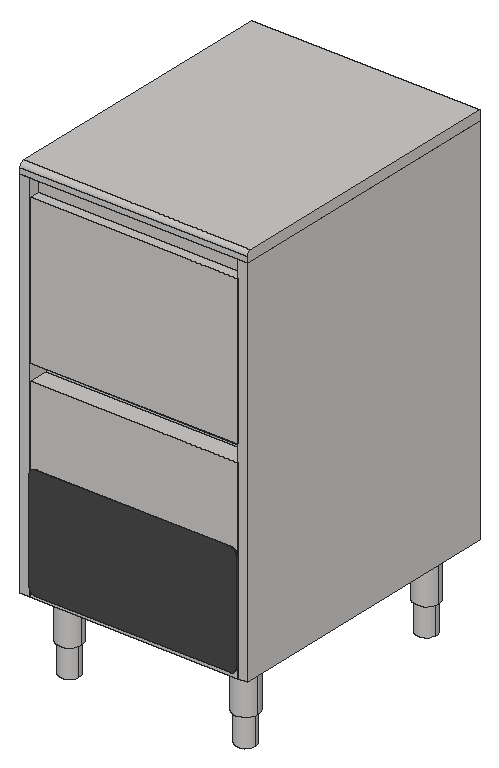
Revit family "QF_ZANUSSI_730310_ICB47I20SNP", category Attrezzature speciali, Revit 2018
Family settings
  Quota connettore circolare = Usa diametro
  Tipo di parte = Normale
  Basato su piano di lavoro = No
  Sempre verticale = Sì
  Taglio con vuoti quando caricato = No
  Condiviso = No
  Punto di calcolo locali = No
Parameters (values of type "Standard")
  Weight = 45.00 kg
  Watts = 0 W
  Volts = 220 V
  URL Manufacturer = "http://www.zanussiprofessional.com"
  URL = "http://www.zanussiprofessional.com"
  Steam Supply Size = 0 mm
  Steam Supply Minimum Pressure = 0.0 Pa
  Steam Supply Maximum Pressure = 0.0 Pa
  Steam Pounds per Hour = 0
  Show Logo [instance] = yes
  Show Clearance [instance] = yes
  Refrigeration Suction Line Size = 0 mm
  Refrigeration Liquid Line Size = 0 mm
  Refrigerant Compressor Remote = yes
  Produttore = "Zanussi"
  Phase = 1
  Modello = "ICB47I20SNP"
  Length Actual = 465 mm  # constant formula
  Item Number = "730310"
  Hot Water Size = 0 mm
  Height Actual = 894 mm  # constant formula
  HP = "0 HP"
  Gas Size = 0 mm
  Gas KW = 0
  Gas Input Pressure = 0 W
  Descrizione = "WATER COOLED ICE CUBER 22GR 47KG/24H-BIN 20KG"
  Depth Actual = 595 mm  # constant formula
  Cycle = 50 Hz
  Condensate Return Size = 0 mm
  Compressed Air Volume = 0.0 L/s
  Compressed Air Size = 0 mm
  Compressed Air Pressure = 0.0 Pa
  Cold Water Size = 19.05 mm
  Accessory = yes
Reference planes
  plane 1 "Center X": y = 272.851
  plane 2: z = 0
  plane 3 "Center Y": x = -501.5
  plane 4 "LEFT": x = -734
  plane 5 "RIGHT": x = -269
  plane 6 "FRONT": y = -24.149
  plane 7 "BACK": y = 569.851
  plane 8: z = 155
  plane 9: z = 944
  plane 10: z = 924
  plane 11: x = -714
  plane 12: x = -289
  plane 13: y = 15.851
Forms (mm)
  Extrusion 1, solid, material "QF_Finishes_Black"
    sketch origin (-217.296, -24.149, 371.513) x (-1, 0, 0) y (0, 0, -1)
      loop
        arc (481.704, -21.487) -> (492.311, -17.093) -> (496.704, -6.487) r 15
        line (496.704, -6.487) -> (496.704, 194.469)
        arc (496.704, 194.469) -> (492.311, 205.075) -> (481.704, 209.469) r 15
        line (481.704, 209.469) -> (86.704, 209.469)
        arc (86.704, 209.469) -> (76.097, 205.075) -> (71.704, 194.469) r 15
        line (71.704, 194.469) -> (71.704, -6.487)
        arc (71.704, -6.487) -> (76.097, -17.093) -> (86.704, -21.487) r 15
        line (86.704, -21.487) -> (481.704, -21.487)
    from 0 to 2
  Extrusion 2, solid, material "QF_Finishes_Stainless Steel"
    sketch origin (-501.5, 0, 0) x (0, 1, 0) y (0, 0, 1)
      loop
        line (569.851, 924) -> (569.851, 944) -> (-14.149, 944)
        arc (-14.149, 944) -> (-21.22, 941.071) -> (-24.149, 934) r 10
        line (-24.149, 934) -> (-24.149, 924) -> (569.851, 924)
    from -232.5 to 232.5
  Extrusion 3, solid, material "QF_Finishes_Stainless Steel"
    sketch origin (-321.2, 569.851, -329.545) x (1, 0, 0) y (0, 0, -1)
      loop
        circle (-16.8, -655.545) r 10
    from 0 to 10
  Extrusion 4, solid, material "QF_Finishes_Stainless Steel"
    sketch origin (0, 0, 0) x (1, 0, 0) y (0, 1, 0)
      loop
        line (-734, 569.851) -> (-734, -24.149) -> (-714, -24.149) -> (-714, 569.851) -> (-734, 569.851)
    from 155 to 924
  Extrusion 5, solid, material "QF_Finishes_Stainless Steel"
    sketch origin (0, 0, 0) x (1, 0, 0) y (0, 1, 0)
      loop
        line (-289, 569.851) -> (-289, -24.149) -> (-269, -24.149) -> (-269, 569.851) -> (-289, 569.851)
    from 155 to 924
  Extrusion 6, solid, material "QF_Finishes_Stainless Steel"
    sketch origin (0, 0, 0) x (1, 0, 0) y (0, 1, 0)
      loop
        line (-714, 569.851) -> (-714, 15.851) -> (-289, 15.851) -> (-289, 569.851) -> (-714, 569.851)
    from 155 to 924
  Extrusion 7, solid, material "QF_Finishes_Stainless Steel"
    sketch origin (0, 0, 0) x (1, 0, 0) y (0, 1, 0)
      loop
        line (-714, -24.149) -> (-289, -24.149) -> (-289, 15.851) -> (-714, 15.851) -> (-714, -24.149)
    from 155 to 550.848
  Extrusion 8, solid, material "QF_Finishes_Stainless Steel"
    sketch origin (-501.5, 0, 0) x (0, 1, 0) y (0, 0, 1)
      loop
        line (15.851, 924) -> (-4.149, 924) -> (-4.149, 888) -> (-24.149, 888) -> (-24.149, 584.768) -> (-4.149, 584.768) -> (-4.149, 569) -> (15.851, 569) -> (15.851, 924)
    from -212.5 to 212.5
  Extrusion 9, solid, material "QF_Finishes_Stainless Steel"
    sketch origin (-303.2, 569.851, -440.545) x (1, 0, 0) y (0, 0, -1)
      loop
        circle (-16.8, -655.545) r 10
    from 0 to 10
  Extrusion 10, solid, material "QF_Finishes_Stainless Steel"
    sketch origin (-363.2, 569.851, -361.545) x (1, 0, 0) y (0, 0, -1)
      loop
        circle (-16.8, -655.545) r 10
    from 0 to 10
Lines and regions (mm)
  Split face 1
    outline origin (-501.5, -4.149, 924) x (0, 0, -1) y (1, 0, 0)
      loop
        line (5.715, 89.928) -> (30.715, 89.928) -> (30.715, 129.928) -> (5.715, 129.928) -> (5.715, 89.928)
  symbolic lines
    curve 1: line (-734, 569.851, 0) -> (-269, 569.851, 0)
    curve 2: line (-734, -24.149, 0) -> (-734, 569.851, 0)
    curve 3: line (-269, -24.149, 0) -> (-734, -24.149, 0)
    curve 4: line (-269, 569.851, 0) -> (-269, -24.149, 0)
Dimensions and locks
  equal spacing: plane 4 "LEFT", plane 3 "Center Y", plane 5 "RIGHT"
  plane 4 "LEFT" to plane 5 "RIGHT" = 465 mm
  equal spacing: plane 7 "BACK", plane 1 "Center X", plane 6 "FRONT"
  plane 7 "BACK" to plane 6 "FRONT" = 594 mm
  plane 8 to plane 2 = 155 mm
  plane 9 to plane 8 = 789 mm
  locked: plane 4 "LEFT" to plane 11 at 20
  locked: plane 12 to plane 5 "RIGHT" at 20
  locked: plane 9 to plane 10 at 20
  locked: plane 13 to plane 6 "FRONT" at 40
  aligned and locked: level to plane 2
  aligned and locked: plane 5 "RIGHT" to Extrusion 2
  aligned and locked: Extrusion 2 to plane 4 "LEFT"
  aligned and locked: Extrusion 4 sketch curve to Extrusion 2  (x2)
  aligned and locked: plane 6 "FRONT" to Extrusion 4 sketch curve
  aligned and locked: Extrusion 4 sketch curve to plane 11
  aligned and locked: Extrusion 5 sketch curve to plane 7 "BACK"
  aligned and locked: plane 12 to Extrusion 5 sketch curve
  aligned and locked: Extrusion 5 sketch curve to Extrusion 2  (x2)
  aligned and locked: plane 10 to Extrusion 4
  aligned and locked: plane 10 to Extrusion 5
  aligned and locked: Extrusion 4 to plane 8
  aligned and locked: Extrusion 5 to plane 8
  aligned and locked: Extrusion 6 sketch curve to Extrusion 4
  aligned and locked: Extrusion 4 to Extrusion 6 sketch curve
  aligned and locked: plane 13 to Extrusion 6 sketch curve
  aligned and locked: Extrusion 6 sketch curve to plane 12
  aligned and locked: plane 10 to Extrusion 6
  aligned and locked: Extrusion 6 to plane 8
  aligned and locked: Extrusion 4 to Extrusion 7 sketch curve
  aligned and locked: Extrusion 7 sketch curve to Extrusion 4
  aligned and locked: plane 13 to Extrusion 7 sketch curve
  aligned and locked: plane 12 to Extrusion 7 sketch curve
  aligned and locked: Extrusion 7 to plane 8
  aligned and locked: plane 12 to Extrusion 8
  aligned and locked: Extrusion 8 to plane 11
Automatic sketch dimensions
  curve 3 to plane 4 "LEFT" = 0 mm
  curve 3 to plane 5 "RIGHT" = 0 mm
  curve 3 to plane 6 "FRONT" = 0 mm
  curve 2 to plane 7 "BACK" = 0 mm
  Extrusion 1 sketch curve to plane 12 = 0 mm
  plane 8 to Extrusion 1 sketch curve = 7.044 mm
  Extrusion 1 sketch curve to Extrusion 1 sketch curve = 15 mm  (x3)
  plane 11 to Extrusion 1 sketch curve = 15 mm  (x2)
  Extrusion 1 sketch curve to Extrusion 1 sketch curve = 200.956 mm
  Extrusion 2 sketch curve to plane 6 "FRONT" = 0 mm
  Extrusion 2 sketch curve to plane 9 = 0 mm
  Extrusion 2 sketch curve to plane 7 "BACK" = 0 mm
  Extrusion 2 sketch curve to plane 10 = 0 mm
  plane 6 "FRONT" to Extrusion 2 sketch curve = 10 mm
  Extrusion 6 to Extrusion 3 sketch curve = 171 mm
  Extrusion 3 sketch curve to Extrusion 6 = 49 mm
  Extrusion 8 sketch curve to plane 6 "FRONT" = 0 mm
  Extrusion 8 sketch curve to plane 10 = 0 mm
  Extrusion 8 sketch curve to plane 13 = 0 mm
  plane 6 "FRONT" to Extrusion 8 sketch curve = 20 mm  (x2)
  Extrusion 8 sketch curve to plane 10 = 36 mm
  Extrusion 8 sketch curve to Extrusion 8 sketch curve = 303.232 mm
  Extrusion 8 sketch curve to Extrusion 8 sketch curve = 15.768 mm
  Split face 1 sketch curve to Extrusion 8 = 5.715 mm
  Extrusion 8 to Split face 1 sketch curve = 5.285 mm
  Split face 1 sketch curve to Extrusion 8 = 122.572 mm
  Split face 1 sketch curve to Split face 1 sketch curve = 40 mm
  Extrusion 9 sketch curve to Extrusion 6 = 31 mm
  Extrusion 6 to Extrusion 9 sketch curve = 60 mm
  Extrusion 10 sketch curve to Extrusion 6 = 91 mm
  Extrusion 6 to Extrusion 10 sketch curve = 139 mm
  radius of Extrusion 3 sketch curve = 10 mm
  radius of Extrusion 9 sketch curve = 10 mm
  radius of Extrusion 10 sketch curve = 10 mm
Nested families
  nested 1: "Foot_Complete" at (-682, 36.851, 0), type "Foot_Complete"
    with H 155 mm
  nested 2: "Foot_Complete" at (-321, 36.851, 0) x (-1, 0, 0) z (0, 0, 1), type "Foot_Complete"
    with H 155 mm
  nested 3: "Foot_Complete" at (-682, 498.851, 0), type "Foot_Complete"
    with H 155 mm
  nested 4: "Foot_Complete" at (-321, 498.851, 0) x (-1, 0, 0) z (0, 0, 1), type "Foot_Complete"
    with H 155 mm
Connectors
  electrical at (-320, 579.851, 215), driven by "Volts"
    settings: on Extrusion 9, index 1, voltage 220 V, apparent load 0 VA, apparent load phase1 0 VA, apparent load phase2 0 VA, apparent load phase3 0 VA, power factor 1, load classification "Altro", number of poles 1, system type 30, power factor state 1, is connector primary yes, connector utility no, sub classification motor no, connector description "Electrical Connection"
  piping at (-338, 579.851, 326), diameter 20
    settings: on Extrusion 3, index 2, connector inside diameter 609.6 mm, connector length 0 mm, flow factor 0, pipe flow 0.0 L/s, pressure drop 0.0 Pa, fitting loss kfactor 0, connector angle 0.00°, fixture units 0, engagement length 0 mm, angle of deflection 0.00°, flow configuration 0, flow direction 0, fitting loss method 0, system type 20, joint type 0, gender type 0, connector reference index -1, connector utility 0, adjustable connector no, is connector primary yes, connector description "Cold water"
  piping at (-380, 579.851, 294), diameter 20
    settings: on Extrusion 10, index 3, connector inside diameter 609.6 mm, connector length 0 mm, flow factor 0, pipe flow 0.0 L/s, pressure drop 0.0 Pa, fitting loss kfactor 0, connector angle 0.00°, fixture units 0, engagement length 0 mm, angle of deflection 0.00°, flow configuration 0, flow direction 0, fitting loss method 0, system type 16, joint type 0, gender type 0, connector reference index -1, connector utility 0, adjustable connector no, is connector primary no, connector description "Drain"
Definition of nested family "Foot_Complete"
  Parameters (values of type "Foot_Complete")
    R = 25 mm
    H = 153 mm
  Reference planes
    plane 1 "Centro (Fronte/Retro)": y = 0
    plane 2: z = 0
    plane 3 "Centro (Sinistra/Destra)": x = 0
    plane 4: z = 153
  Forms (mm)
    Revolve 1, solid
      sketch origin (255.05, 0, 608.09) x (0, 0, 1) y (-1, 0, 0)
        loop
          line (-608.09, 255.05) -> (-608.09, 235.05) -> (-548.09, 235.05) -> (-548.09, 230.05) -> (-455.09, 230.05) -> (-455.09, 255.05) -> (-608.09, 255.05)
        axis (-608.09, 255.05) -> (-455.09, 255.05)
      angle from 0 to 360
  Dimensions and locks
    level to Revolve 1 sketch curve = 60 mm
    "R": Revolve 1 sketch curve to plane 3 "Centro (Sinistra/Destra)"
    "H": plane 4 to level
    aligned and locked: level to plane 2
    aligned and locked: plane 4 to Revolve 1 sketch curve
    aligned and locked: Revolve 1 sketch curve to level
    aligned and locked: plane 3 "Centro (Sinistra/Destra)" to Revolve 1 sketch curve
  Automatic sketch dimensions
    Revolve 1 sketch curve to plane 3 "Centro (Sinistra/Destra)" = 0 mm
    plane 3 "Centro (Sinistra/Destra)" to Revolve 1 sketch curve = 20 mm
    Revolve 1 sketch curve to Revolve 1 sketch curve = 50 mm
    Revolve 1 sketch curve to Revolve 1 sketch curve = 20 mm
